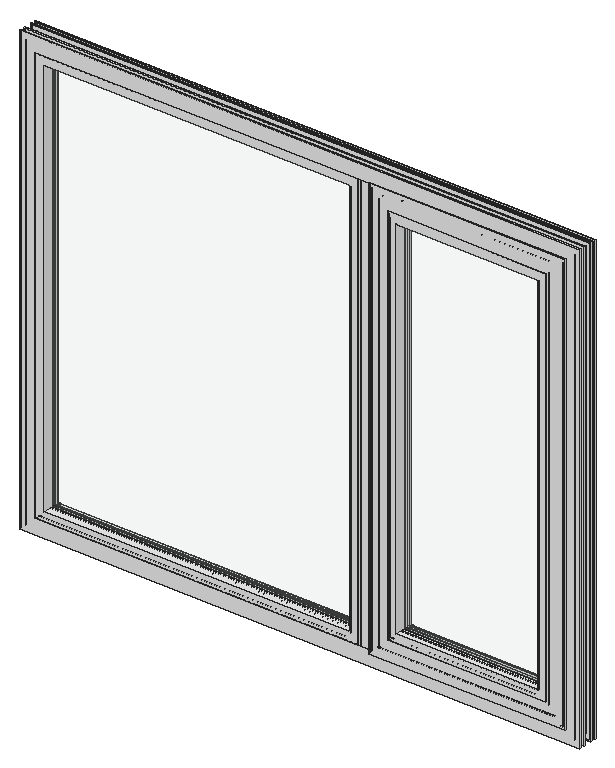
Revit family "Serene_T&T_Window_B_Standard", category Windows, host Wall, Revit 2014
Parameters (values of type "52TT-1512S-2000Pa")
  Windload Design = if(Custom Windload < 1001 mm, 1000 mm, if(Custom Windload < 1501 mm, 1500 mm, 2000 mm))  # 2000 mm
  Width Sash [instance] = 522 mm
  Width = if(Custom Window Width > Limit Window Width Max, Limit Window Width Max, if(Custom Window Width < Limit Window Width Min, Limit Window Width Min, Custom Window Width))  # 1490 mm
  Wall Thickness [instance] = 200 mm
  URL = "http://www.crealco.co.za/crealco-products.php"
  Thermal Resistance (R) [instance] = if(IGDB or SAGDB Number = 1000015, 1.0000 (m²·K)/W / Clearvue U Value, if(IGDB or SAGDB Number = 9922, 1.0000 (m²·K)/W / Energy Advantage U Value, if(IGDB or SAGDB Number = 100100, 1.0000 (m²·K)/W / Intruderprufe U Value, if(IGDB or SAGDB Number = 103200, 1.0000 (m²·K)/W / Intruderprufe LowE U Value, if(IGDB or SAGDB Number = 105001, 1.0000 (m²·K)/W / Clearvue Insulated U Value, if(IGDB or SAGDB Number = 105002, 1.0000 (m²·K)/W / Clearvue Insulated LowE U Value, 1.0000 (m²·K)/W / 7.9)))))) * 1  # 0.126582 (m²·K)/W
  Solar Heat Gain Coefficient [instance] = if(IGDB or SAGDB Number = 1000015, Clearvue SHGC Value, if(IGDB or SAGDB Number = 9922, Energy Advantage SHGC Value, if(IGDB or SAGDB Number = 100100, Intruderprufe SHGC Value, if(IGDB or SAGDB Number = 103200, Intruderprufe LowE SHGC Value, if(IGDB or SAGDB Number = 105001, Clearvue Insulated SHGC Value, if(IGDB or SAGDB Number = 105002, Clearvue Insulated LowE SHGC Value, 0))))))  # 0
  Sash Width = if(Custom Sash Width > Limit Sash Width Max, Limit Sash Width Max, if(Custom Sash Width < Limit Sash Width Min, Limit Sash Width Min, Custom Sash Width))  # 522 mm
  Sash Overlap = 28 mm  # constant formula
  Sash Height = Height - (2 * Sash Edge Gap)  # 1122 mm
  Sash Frame Gasket = 3.4 mm  # constant formula
  Sash Edge Gap = 34 mm  # constant formula
  Overall Width [instance] = 1490 mm
  Overall Height [instance] = 1190 mm
  Max System DG Unit Thickness = 20 mm  # constant formula
  Max System DG One Piece Thickness = rounddown((Max System DG Unit Thickness - 12 mm) / 2 mm) * 1 mm  # 4 mm
  Max Pane Area = if(Area Glazing Sash > Area Glazing Fixed Panel, Area Glazing Sash, Area Glazing Fixed Panel)  # 0.935 m²
  Limit Fixed Panel Width Max = 1800 mm  # constant formula
  Limit Fixed Pane Height Min = 200 mm  # constant formula
  Intruderprufe U Value = 6.04
  Intruderprufe SHGC Value = 0.559
  Intruderprufe LowE U Value = 4.49
  Intruderprufe LowE SHGC Value = 0.496
  IGDB or SAGDB Number [instance] = 0
  Height Sash [instance] = 1122 mm
  Height = if(Custom Window Height > Limit Window Height Max, Limit Window Height Max, if(Custom Window Height < Limit Window Height Min, Limit Window Height Min, Custom Window Height))  # 1190 mm
  Heat Transfer Coefficient (U) [instance] = if(IGDB or SAGDB Number = 1000015, Clearvue U Value, if(IGDB or SAGDB Number = 9922, Energy Advantage U Value, if(IGDB or SAGDB Number = 100100, Intruderprufe U Value, if(IGDB or SAGDB Number = 103200, Intruderprufe LowE U Value, if(IGDB or SAGDB Number = 105001, Clearvue Insulated U Value, if(IGDB or SAGDB Number = 105002, Clearvue Insulated LowE U Value, 7.9)))))) * 1.0000 W/(m²·K)  # 7.9000 W/(m²·K)
  Glazing Material [instance] = if(IGDB or SAGDB Number = 1000015, "PFG CLEARVUE 4mm", if(IGDB or SAGDB Number = 9922, "PFG ENERGY ADVANTAGE 4mm LOW-E", if(IGDB or SAGDB Number = 100100, "PFG INTRUDERPRUFE 6.38mm", if(IGDB or SAGDB Number = 103200, "PFG INTRUDERPRUFE LOW-E 7.38mm", if(IGDB or SAGDB Number = 105001, "PFG 20mm CLEARVUE INSULATED GLASS", if(IGDB or SAGDB Number = 105002, "PFG 20mm CLEARVUE INSULATED GLASS LOW-E", "Unknown"))))))  # "Unknown"
  Glazing Code [instance] = if(IGDB or SAGDB Number = 1000015, "CF4", if(IGDB or SAGDB Number = 9922, "CF4E", if(IGDB or SAGDB Number = 100100, "LAM01", if(IGDB or SAGDB Number = 103200, "LAM01E", if(IGDB or SAGDB Number = 105001, "IGU20", if(IGDB or SAGDB Number = 105002, "IGU20E", "Unknown"))))))  # "Unknown"
  Frame Width = 62 mm  # constant formula
  Frame Thickness = 52 mm  # constant formula
  Frame Offset From Exterior [instance] = if(Centered In Wall, (Wall Thickness - Frame Thickness) / 2, Custom Window Exterior Offset)  # 74 mm
  Fixed Panel Width = Width - Sash Width - 34 mm - 34 mm - 40 mm  # 860 mm
  Fixed Panel Height = Height - (2 mm * 40)  # 1110 mm
  Energy Advantage U Value = 5.06
  Energy Advantage SHGC Value = 0.542
  DG Thickness Calc = if(not(Max Pane Area > 1.125 m²), 4 mm, if(not(Max Pane Area > 2.25 m²), 4 mm, if(not(Max Pane Area > 3.15 m²), 5 mm, if(not(Max Pane Area > 4.35 m²), 6 mm, if(not(Max Pane Area > 6.45 m²), 8 mm, 10 mm)))))  # 4 mm
  DG Thickness [instance] = if(IGDB or SAGDB Number = 105001, 4 mm, if(IGDB or SAGDB Number = 105002, 4 mm, if(DG Thickness Calc > Max System DG One Piece Thickness, Max System DG One Piece Thickness, DG Thickness Calc)))  # 4 mm
  DG Gasket Tickness = 12 mm  # constant formula
  Custom Window Width = 1490 mm
  Custom Window Height = 1190 mm
  Custom Window Exterior Offset = 0 mm
  Custom Windload = 2000 mm
  Custom Sash Width = 522 mm
  Single Glazing [instance] = not(Double Glazing)  # yes
  SG Thickness [instance] = if(IGDB or SAGDB Number = 1000015, 4 mm, if(IGDB or SAGDB Number = 9922, 4 mm, if(IGDB or SAGDB Number = 100100, 6 mm, if(IGDB or SAGDB Number = 103200, 7 mm, if(not(Max Pane Area > 0.75 m²), 4 mm, if(not(Max Pane Area > 1.50 m²), 4 mm, if(not(Max Pane Area > 2.10 m²), 5 mm, if(not(Max Pane Area > 2.90 m²), 6.4 mm, if(not(Max Pane Area > 4.30 m²), 8 mm, 10 mm)))))))))  # 4 mm
  Model = "Serene"  # constant formula
  Manufacturer = "Crealco"  # constant formula
  Limit Window Width Min = Limit Fixed Panel Width Min + Sash Width + Sash Edge Gap + 34 mm + 40 mm  # 830 mm
  Limit Window Width Max = Limit Fixed Panel Width Max + Sash Width + Sash Edge Gap + 34 mm + 40 mm  # 2430 mm
  Limit Window Height Min = Limit Sash Height Min + (2 * Sash Edge Gap)  # 368 mm
  Limit Window Height Max = Limit Sash Height Max + (2 * Sash Edge Gap)  # 1568 mm
  Limit Sash Width Min = 300 mm  # constant formula
  Limit Sash Width Max = 700 mm  # constant formula
  Limit Sash Height Min = 300 mm  # constant formula
  Limit Sash Height Max = 1500 mm  # constant formula
  Limit Fixed Panel Width Min = 200 mm  # constant formula
  Length Mullion = Height - (2 mm * 40)  # 1110 mm
  Glazing Finish [instance] = Glass
  Double Glazing [instance] = no
  Description = "Tilt and turn window, Type B"  # constant formula
  Default Sill Height = 800 mm
  Wall Closure = By host
  DG Gasket Finish = Double Glazing Gasket Material
  Clearvue U Value = 6.17
  Clearvue SHGC Value = 0.605
  Clearvue Insulated U Value = 3.98
  Clearvue Insulated SHGC Value = 0.533
  Clearvue Insulated LowE U Value = 3.46
  Clearvue Insulated LowE SHGC Value = 0.486
  Centered In Wall = yes
  Area Glazing Sash = (Sash Width - (2 mm * 50.2)) * (Sash Height - (2 mm * 50.2))  # 0.430707 m²
  Area Glazing Fixed Panel = (Fixed Panel Width - 10 mm) * (Fixed Panel Height - 10 mm)  # 0.935 m²
  Aluminium Finish [instance] = White Powder Coated Aluminium
  All Available Glazing Numbers [instance] = "The rows below list the available glazing materials for this window:"  # constant formula
  9922 [instance] = "CF4E"  # constant formula
  105002 [instance] = "IGU20E"  # constant formula
  105001 [instance] = "IGU20"  # constant formula
  103200 [instance] = "LAM01E"  # constant formula
  100100 [instance] = "LAM01"  # constant formula
  1000015 [instance] = "CF4"  # constant formula
Reference planes
  plane 1 "Center (Front/Back)": y = 0
  plane 2 "Center (Left/Right)": x = 0
  plane 3 "Left": x = -745
  plane 4 "Right": x = 745
  plane 5 "Sill": z = 800
  plane 6 "Head": z = 1990
  plane 7 "Exterior": y = 100
  plane 8 "Interior": y = -100
  plane 9: y = 0
Lines and regions (mm)
  Opening 1
    outline origin (3500, -100, 0) x (1, 0, 0) y (0, 0, 1)
      loop
        line (-2755, 800) -> (-2755, 1990) -> (-4245, 1990) -> (-4245, 800) -> (-2755, 800)
Text (mm)
  text "EXTERIOR" at (-1963.203, 1332.353, 0), in view "Ref. Level"
  text "INTERIOR" at (-1981.466, -818.386, 0), in view "Ref. Level"
  text "Exterior" at (0, 923.751, 2943.296), in view "Right"
  text "Exterior" at (0, 1040.484, 2685.409), in view "Left"
Dimensions and locks
  equal spacing: plane 3 "Left", plane 2 "Center (Left/Right)", plane 4 "Right"
  "Width": plane 3 "Left" to plane 4 "Right"
  "Height": plane 5 "Sill" to plane 6 "Head"
  "Default Sill Height": plane 5 "Sill" to level
  locked: plane 7 "Exterior" to host wall at 0
  locked: plane 8 "Interior" to host wall
  "Overall Height": plane 5 "Sill" to plane 6 "Head"
  "Overall Width": plane 3 "Left" to plane 4 "Right"
  "Frame Offset From Exterior": nested 1 to plane 7 "Exterior"
  "Wall Thickness": host wall to host wall
  "Sash Edge Gap": plane 6 "Head" to nested 3
  "Sash Frame Gasket": nested 3 to nested 1
  "Sash Edge Gap": nested 3 to plane 4 "Right"
  "Sash Overlap": nested 3 to nested 2
  "Width Sash": nested 3 to nested 3
  "Height Sash": nested 3 to nested 3
  aligned and locked: plane 9 to host wall
  aligned and locked: nested 1 to plane 4 "Right"
  aligned and locked: nested 1 to plane 6 "Head"
  aligned and locked: nested 2 to nested 1
  aligned and locked: nested 4 to nested 1  (x2)
  aligned and locked: nested 1 to nested 4
Automatic sketch dimensions
  Opening 1 sketch curve to plane 3 "Left" = 0 mm
  Opening 1 sketch curve to plane 4 "Right" = 0 mm
  Opening 1 sketch curve to plane 5 "Sill" = 0 mm
  Opening 1 sketch curve to plane 6 "Head" = 0 mm
Nested families
  nested 1: "Serene_Frame_Rounded_Ext_52mm_B_Std" at (-745, -26, 800), Frame Width <- "Width", Frame Height <- "Height", Profile Material <- "Aluminium Finish", type "Serene_Frame_Rounded_Ext_52mm_B_Std"
    with Profile Material White Powder Coated Aluminium, Frame Width 1490 mm, Frame Height 1190 mm
  nested 2: "Serene_Mullion_44mm_Flat_B_Std" at (221.75, -33.553, 840) x (0, 1, 0) z (0, 0, 1), Length Mullion <- "Length Mullion", Profile Material <- "Aluminium Finish", type "Serene_Mullion_44mm_Flat_B_Std"
    with Profile Material White Powder Coated Aluminium, Length Mullion 1110 mm
  nested 3: "Serene_Sash_Open_In_72mm_B_Std" at (711, -32.8, 834) x (-1, 0, 0) z (0, 0, 1), Profile Material <- "Aluminium Finish", Glazing Material <- "Glazing Finish", Double Glazing Gasket Material <- "DG Gasket Finish", Width Sash <- "Sash Width", Height Sash <- "Sash Height", SG Glazing Thickness <- "SG Thickness", DG Glazing Thickness <- "DG Thickness", DG Gasket Thickness <- "DG Gasket Tickness", Double Glazing <- "Double Glazing", Single Glazing <- "Single Glazing", type "Serene_Sash_Open_In_72mm_B_Std"
    with Width Sash 522 mm, Width Bead 422 mm, Tilt yes, Single Glazing yes, SG Offset 32.25 mm, SG Glazing Thickness 4 mm, Right Hinged yes, Profile Material White Powder Coated Aluminium, Left Hinged no, Height Sash 1122 mm, Height Bead 1022 mm, Glazing Width 421.6 mm, Glazing Material Glass, Glazing Height 1021.6 mm, Double Glazing Gasket Material Double Glazing Gasket Material, Double Glazing no, DG Offset 18.75 mm, DG Glazing Thickness 4 mm, DG Gasket Thickness 12 mm
  nested 4: "Serene_Fixed_Panel_B_Std" at (-705, -26, 840), Profile Material <- "Aluminium Finish", Glazing Material <- "Glazing Finish", Double Glazing Gasket Material <- "DG Gasket Finish", SG Thickness <- "SG Thickness", Fixed Panel Width <- "Fixed Panel Width", Fixed Panel Height <- "Fixed Panel Height", DG Thickness <- "DG Thickness", Single Glazing <- "Single Glazing", Double Glazing <- "Double Glazing", type "Serene_Fixed_Panel_B_Std"
    with Single Glazing yes, SG Thickness 4 mm, SG Space Available 13 mm, SG Offset 4.5 mm, Profile Material White Powder Coated Aluminium, Glazing Width 850 mm, Glazing Material Glass, Glazing Height 1100 mm, Fixed Panel Width 860 mm, Fixed Panel Height 1110 mm, Double Glazing Gasket Material Double Glazing Gasket Material, Double Glazing no, DG Thickness 4 mm, DG Space Available 24 mm, DG Offset 2 mm, DG Gasket Thickness 12 mm
  nested 5: "Serene_Single_Glazing_Tilt_&_Turn_B_Std" at (660.8, 3.45, 884.2), type "Serene_Single_Glazing_Tilt_&_Turn_B_Std"
    with Tilt yes, Right Hinged yes, Left Hinged no, Half Width 210.8 mm, Half Height 510.8 mm, Glazing Width 421.6 mm, Glazing Thickness SG 4 mm, Glazing Material Glass, Glazing Height 1021.6 mm
  nested 6: "Serene_Single_Glazing_Fixed_B_Std" at (150, 10, 845), type "Serene_Single_Glazing_Fixed_B_Std"
    with Glazing Width 850 mm, Glazing Thickness SG 4 mm, Glazing Material Glass, Glazing Height 1100 mm
Definition of nested family "Serene_Frame_Rounded_Ext_52mm_B_Std"
  Parameters (values of type "Serene_Frame_Rounded_Ext_52mm")
    Profile Material [instance] = none
    Frame Width [instance] = 600 mm
    Frame Height [instance] = 900 mm
  Reference planes
    plane 1 "Center (Front/Back)": y = 0
    plane 2: z = 0
    plane 3 "Center (Left/Right)": x = 0
  Forms (mm)
    Sweep 1, solid, material <- "Profile Material"
      path origin (0, 0, 0) x (1, 0, 0) y (0, 0, 1)
        loop
          line (0, 0) -> (600, 0) -> (600, 900) -> (0, 900) -> (0, 0)
      profile origin (300, 0, 0) x (0, 0, 1) y (0, -1, 0)
        loop
          line (32.05, -9) -> (32.05, -8) -> (33.7, -8) -> (33.7, -1.3) -> (15.1, -1.3) -> (15.1, -8) -> (16.75, -8) -> (16.75, -9) -> (15.1, -9) -> (15.1, -42.5) -> (16.75, -42.5) -> (16.75, -43.5) -> (15.1, -43.5) -> (15.1, -50.7) -> (33.7, -50.7) -> (33.7, -43.5) -> (32.05, -43.5) -> (32.05, -42.5) -> (33.7, -42.5) -> (33.7, -9) -> (32.05, -9)
        loop
          arc (52.4, -49.7) -> (52.107, -48.993) -> (51.4, -48.7) r 1
          line (51.4, -48.7) -> (50.4, -48.7)
          arc (50.4, -48.7) -> (49.9, -49.2) -> (50.4, -49.7) r 0.5
          line (50.4, -49.7) -> (51.2, -49.7) -> (51.2, -50.7) -> (35, -50.7) -> (35, -49.7) -> (36, -49.7)
          arc (36, -49.7) -> (36.5, -49.2) -> (36, -48.7) r 0.5
          line (36, -48.7) -> (35, -48.7) -> (35, -35.9) -> (40, -35.9) -> (40, -32.956) -> (38.5, -31.79) -> (38.5, -34.6) -> (35, -34.6) -> (35, -21.1) -> (38.5, -21.1) -> (38.5, -26.41) -> (40, -25.244) -> (40, -18.807) -> (38, -17.818) -> (38, -19.5) -> (35, -19.5) -> (35, -1.5) -> (38, -1.5) -> (38, -4.182) -> (40, -3.193) -> (40, 0) -> (0, 0) -> (0, -2.7) -> (1.3, -2.7) -> (1.3, -1.5) -> (13.8, -1.5) -> (13.8, -13.05) -> (0, -13.05) -> (0, -16.05) -> (1.3, -16.05) -> (1.3, -14.35) -> (13.8, -14.35) -> (13.8, -37.65) -> (1.3, -37.65) -> (1.3, -35.95) -> (0, -35.95) -> (0, -38.95) -> (13.8, -38.95) -> (13.8, -50.5) -> (1.3, -50.5) -> (1.3, -49.3) -> (0, -49.3) -> (0, -52) -> (58, -52)
          arc (58, -52) -> (60.828, -50.828) -> (62, -48) r 4
          line (62, -48) -> (62, -40.5) -> (59.5, -40.5) -> (59.5, -41.7) -> (60.7, -41.7) -> (60.7, -43.7) -> (55.5, -43.7) -> (55.5, -41.7) -> (56.7, -41.7) -> (56.7, -40.5) -> (54.2, -40.5) -> (54.2, -44)
          arc (54.2, -44) -> (54.493, -44.707) -> (55.2, -45) r 1
          line (55.2, -45) -> (60.7, -45) -> (60.7, -48)
          arc (60.7, -48) -> (59.909, -49.909) -> (58, -50.7) r 2.7
          line (58, -50.7) -> (52.4, -50.7) -> (52.4, -49.7)
  Lines and regions (mm)
    model lines, style "GenericModel"
      curve 1: line (600, 52, 900) -> (541.992, 52, 841.992)
      curve 2: line (0, 52, 900) -> (58.006, 52, 841.994)
      curve 3: line (0, 52, 0) -> (58.008, 52, 58.008)
      curve 4: line (600, 52, 0) -> (541.992, 52, 58.008)
      curve 5: line (0, 0, 900) -> (40, 0, 860)
      curve 6: line (600, 0, 900) -> (560, 0, 860)
      curve 7: line (600, 0, 0) -> (560, 0, 40)
      curve 8: line (0, 0, 0) -> (40, 0, 40)
  Dimensions and locks
    "Frame Width": Sweep 1 sketch curve to Sweep 1 sketch curve
    "Frame Height": Sweep 1 sketch curve to Sweep 1 sketch curve
    aligned and locked: level to plane 2
  Automatic sketch dimensions
    Sweep 1 sketch curve to Sweep 1 sketch curve = 0 mm  (x9)
    Sweep 1 sketch curve to profile plane = 0 mm  (x4)
    Sweep 1 sketch curve to Sweep 1 sketch curve = 1.3 mm  (x13)
    Sweep 1 sketch curve to Sweep 1 sketch curve = 12.5 mm  (x2)
    Sweep 1 sketch curve to Sweep 1 sketch curve = 1.65 mm  (x4)
    Sweep 1 sketch curve to Sweep 1 sketch curve = 15.3 mm  (x2)
    Sweep 1 sketch curve to Sweep 1 sketch curve = 1 mm  (x10)
    Sweep 1 sketch curve to Sweep 1 sketch curve = 3 mm  (x3)
    Sweep 1 sketch curve to Sweep 1 sketch curve = 0.5 mm  (x2)
    Sweep 1 sketch curve to Sweep 1 sketch curve = 3.5 mm
    Sweep 1 sketch curve to Sweep 1 sketch curve = 2 mm  (x3)
    Sweep 1 sketch curve to Sweep 1 sketch curve = 1.5 mm  (x3)
    Sweep 1 sketch curve to Sweep 1 sketch curve = 14.4 mm
    Sweep 1 sketch curve to Sweep 1 sketch curve = 0.8 mm
    Sweep 1 sketch curve to Sweep 1 sketch curve = 0.2 mm  (x3)
    Sweep 1 sketch curve to Sweep 1 sketch curve = 2.8 mm  (x3)
    Sweep 1 sketch curve to Sweep 1 sketch curve = 0.3 mm
    Sweep 1 sketch curve to Sweep 1 sketch curve = 1.2 mm  (x6)
    Sweep 1 sketch curve to plane 1 "Center (Front/Back)" = 52 mm
    Sweep 1 sketch curve to Sweep 1 sketch curve = 5.2 mm
    Sweep 1 sketch curve to Sweep 1 sketch curve = 7 mm
    Sweep 1 sketch curve to Sweep 1 sketch curve = 10.35 mm  (x2)
    Sweep 1 sketch curve to Sweep 1 sketch curve = 1.7 mm  (x2)
    Sweep 1 sketch curve to Sweep 1 sketch curve = 6.6 mm
    Sweep 1 sketch curve to Sweep 1 sketch curve = 1.644 mm
    Sweep 1 sketch curve to Sweep 1 sketch curve = 1.167 mm  (x2)
    Sweep 1 sketch curve to Sweep 1 sketch curve = 5.379 mm
    Sweep 1 sketch curve to Sweep 1 sketch curve = 4.144 mm
    Sweep 1 sketch curve to Sweep 1 sketch curve = 1.6 mm
    Sweep 1 sketch curve to Sweep 1 sketch curve = 0.693 mm
    Sweep 1 sketch curve to Sweep 1 sketch curve = 1.682 mm
    Sweep 1 sketch curve to Sweep 1 sketch curve = 19.9 mm
    Sweep 1 sketch curve to Sweep 1 sketch curve = 8.818 mm
    Sweep 1 sketch curve to Sweep 1 sketch curve = 4.05 mm
    Sweep 1 sketch curve to Sweep 1 sketch curve = 3.818 mm
    Sweep 1 sketch curve to Sweep 1 sketch curve = 0.99 mm
    Sweep 1 sketch curve to Sweep 1 sketch curve = 6.5 mm
    Sweep 1 sketch curve to Sweep 1 sketch curve = 1.693 mm
    curve 1 to Sweep 1 = 0 mm
    Sweep 1 to curve 1 = 0 mm
    curve 2 to Sweep 1 = 0 mm  (x2)
    curve 3 to Sweep 1 = 0 mm  (x2)
    curve 4 to Sweep 1 = 0 mm  (x2)
    curve 2 to Sweep 1 = 0.006 mm  (x2)
    curve 3 to Sweep 1 = 0.008 mm  (x2)
    curve 1 to Sweep 1 = 0.008 mm  (x2)
    curve 4 to Sweep 1 = 0.008 mm  (x2)
    curve 5 to Sweep 1 = 0 mm  (x4)
    curve 6 to Sweep 1 = 0 mm  (x4)
    curve 7 to Sweep 1 = 0 mm  (x3)
    Sweep 1 to curve 7 = 0 mm
    curve 8 to Sweep 1 = 0 mm  (x3)
    Sweep 1 to curve 8 = 0 mm
    Sweep 1 sketch curve to plane 3 "Center (Left/Right)" = 0 mm
    Sweep 1 sketch curve to level = 0 mm
Definition of nested family "Serene_Mullion_44mm_Flat_B_Std"
  Parameters (values of type "Serene_Mullion_44mm_Flat")
    Profile Material [instance] = none
    Length Mullion [instance] = 250 mm
    Length Cut = 22 mm
  Reference planes
    plane 1 "Center (Front/Back)": y = 0
    plane 2: z = 0
    plane 3 "Center (Left/Right)": x = 0
  Forms (mm)
    Extrusion 1, solid, material <- "Profile Material"
      sketch origin (0, 0, 0) x (1, 0, 0) y (0, 1, 0)
        loop
          line (9.056, 33.15) -> (50.755, 33.15) -> (50.755, 60.35) -> (9.056, 60.35) -> (9.056, 33.15)
        loop
          line (52.256, 88.75) -> (48.053, 88.75) -> (48.053, 86.25) -> (49.253, 86.25) -> (49.253, 87.45) -> (50.757, 87.45) -> (50.757, 82.25) -> (49.253, 82.25) -> (49.253, 83.45) -> (48.053, 83.45) -> (48.053, 80.95) -> (50.755, 80.95) -> (50.755, 61.75) -> (43.453, 61.75) -> (43.453, 66.75) -> (40.51, 66.75) -> (39.343, 65.25) -> (42.153, 65.25) -> (42.153, 61.75) -> (28.653, 61.75) -> (28.653, 65.25) -> (33.964, 65.25) -> (32.797, 66.75) -> (26.361, 66.75) -> (25.371, 64.75) -> (27.053, 64.75) -> (27.053, 61.75) -> (9.053, 61.75) -> (9.053, 64.75) -> (11.736, 64.75) -> (10.746, 66.75) -> (7.553, 66.75) -> (7.553, 26.749) -> (10.746, 26.749) -> (11.736, 28.749) -> (9.053, 28.749) -> (9.053, 31.749) -> (27.053, 31.749) -> (27.053, 28.749) -> (25.371, 28.749) -> (26.361, 26.749) -> (32.797, 26.749) -> (33.964, 28.249) -> (28.653, 28.249) -> (28.653, 31.749) -> (42.153, 31.749) -> (42.153, 28.249) -> (39.343, 28.249) -> (40.51, 26.749) -> (43.453, 26.749) -> (43.453, 31.749) -> (50.755, 31.749) -> (50.755, 12.55) -> (48.053, 12.55) -> (48.053, 10.05) -> (49.253, 10.05) -> (49.253, 11.25) -> (50.757, 11.25) -> (50.757, 6.05) -> (49.253, 6.05) -> (49.253, 7.25) -> (48.053, 7.25) -> (48.053, 4.75) -> (52.256, 4.75) -> (52.256, 88.75)
      from 0 to 250 <- "Length Mullion"
    Extrusion 2, void
      sketch origin (0, 0, 250) x (0, 1, 0) y (1, 0, 0)
        loop
          line (88.75, 48.053) -> (88.75, 52.256) -> (4.75, 52.256) -> (4.75, 48.053) -> (88.75, 48.053)
      from 0 to 22 <- "Length Cut"
    Extrusion 3, void
      sketch origin (0, 0, 0) x (1, 0, 0) y (0, 1, 0)
        loop
          line (48.053, 4.75) -> (52.256, 4.75) -> (52.256, 88.75) -> (48.053, 88.75) -> (48.053, 4.75)
      from 0 to 22 <- "Length Cut"
  Cuts and joins
    Extrusion 2, Extrusion 3 cuts Extrusion 1
  Dimensions and locks
    aligned and locked: level to plane 2
Definition of nested family "Serene_Sash_Open_In_72mm_B_Std"
  Parameters (values of type "Serene_Sash_Open_In_72mm")
    Width Sash [instance] = 600 mm
    Width Bead [instance] = Width Sash - (Bead Edge Offset * 2)  # 500 mm
    Tilt [instance] = yes
    Single Glazing [instance] = yes
    SG Offset [instance] = Rear Glazing Channel Offset - SG Available Space + ((SG Available Space - SG Glazing Thickness) / 2)  # 32.25 mm
    SG Glazing Thickness [instance] = 4 mm
    SG Available Space = 13.5 mm  # constant formula
    Right Hinged [instance] = yes
    Rear Glazing Channel Offset = 41 mm  # constant formula
    Profile Material [instance] = none
    Left Hinged [instance] = yes
    Height Sash [instance] = 900 mm
    Height Bead [instance] = Height Sash - (Bead Edge Offset * 2)  # 800 mm
    Glazing Width [instance] = Width Sash - (Glazing Edge Offset * 2)  # 499.6 mm
    Glazing Material [instance] = Glass
    Glazing Height [instance] = Height Sash - (Glazing Edge Offset * 2)  # 799.6 mm
    Glazing Edge Offset = 50.2 mm  # constant formula
    Double Glazing Gasket Material [instance] = none
    Double Glazing [instance] = yes
    DG Offset [instance] = Rear Glazing Channel Offset - DG Available Space + ((DG Available Space - DG Gasket Thickness - (2 * DG Glazing Thickness)) / 2)  # 18.75 mm
    DG Glazing Thickness [instance] = 4 mm
    DG Gasket Thickness [instance] = 12 mm
    DG Available Space = 24.5 mm  # constant formula
    Bead Edge Offset = 50 mm  # constant formula
  Reference planes
    plane 1 "Center (Front/Back)": y = 0
    plane 2: z = 0
    plane 3 "Center (Left/Right)": x = 0
  Forms (mm)
    Sweep 1, solid, material <- "Profile Material"
      path origin (0, 0, 0) x (1, 0, 0) y (0, 0, 1)
        loop
          line (0, 0) -> (600, 0) -> (600, 900) -> (0, 900) -> (0, 0)
      profile origin (300, 0, 0) x (0, 0, 1) y (0, -1, 0)
        loop
          line (21.76, 25.1) -> (23.96, 25.1) -> (23.96, 10.1) -> (21.76, 10.1) -> (21.76, 7.4) -> (18.76, 7.4) -> (18.76, 10.524) -> (17.46, 9.224) -> (17.46, 7.1)
          arc (17.46, 7.1) -> (17.753, 6.393) -> (18.46, 6.1) r 1
          line (18.46, 6.1) -> (23.96, 6.1) -> (23.96, 3.4) -> (22.8, 3.4)
          arc (22.8, 3.4) -> (22.3, 2.9) -> (22.8, 2.4) r 0.5
          line (22.8, 2.4) -> (23.96, 2.4) -> (23.96, 1.3) -> (7.7, 1.3) -> (7.7, 2.4) -> (8.5, 2.4) -> (8.5, 3.4) -> (5.3, 3.4) -> (5.3, 2.4) -> (6.6, 2.4) -> (6.6, 1.1) -> (1.2, 1.1) -> (1.2, 2.4) -> (2.5, 2.4) -> (2.5, 3.4) -> (0, 3.4) -> (0, 0) -> (49.96, 0) -> (49.96, 3.18) -> (48.16, 4.22) -> (48.16, 1.5) -> (45.16, 1.5) -> (45.16, 20.1) -> (48.16, 20.1) -> (48.16, 17.88) -> (49.96, 18.92) -> (49.96, 21.6) -> (45.16, 21.6) -> (45.16, 40) -> (37.96, 47) -> (37.96, 50.7) -> (43.96, 50.7) -> (43.96, 49.3)
          arc (43.96, 49.3) -> (44.253, 48.593) -> (44.96, 48.3) r 1
          line (44.96, 48.3) -> (46.21, 48.3)
          arc (46.21, 48.3) -> (46.71, 48.8) -> (46.21, 49.3) r 0.5
          line (46.21, 49.3) -> (44.96, 49.3) -> (44.96, 50.7) -> (61.46, 50.7) -> (61.46, 49.3) -> (60.21, 49.3)
          arc (60.21, 49.3) -> (59.71, 48.8) -> (60.21, 48.3) r 0.5
          line (60.21, 48.3) -> (61.46, 48.3)
          arc (61.46, 48.3) -> (62.167, 48.593) -> (62.46, 49.3) r 1
          line (62.46, 49.3) -> (62.46, 50.7) -> (66.96, 50.7)
          arc (66.96, 50.7) -> (69.576, 49.616) -> (70.66, 47) r 3.7
          line (70.66, 47) -> (70.66, 45.5) -> (64.16, 45.5) -> (64.16, 41) -> (66.66, 41) -> (66.66, 42.2) -> (65.46, 42.2) -> (65.46, 44.2) -> (70.66, 44.2) -> (70.66, 42.2) -> (69.46, 42.2) -> (69.46, 41) -> (71.96, 41) -> (71.96, 47)
          arc (71.96, 47) -> (70.496, 50.536) -> (66.96, 52) r 5
          line (66.96, 52) -> (33.006, 52) -> (33.006, 50.7) -> (34.46, 50.7) -> (36.66, 50.7) -> (36.66, 47.3) -> (26.46, 47.3) -> (23.536, 47.3) -> (24.836, 46) -> (26.96, 46) -> (26.96, 35.2) -> (23.935, 35.2) -> (18.293, 34.246)
          arc (18.293, 34.246) -> (17.696, 33.906) -> (17.46, 33.26) r 1
          line (17.46, 33.26) -> (17.46, 25.976) -> (18.76, 24.676) -> (18.76, 27.3) -> (21.76, 27.3) -> (21.76, 25.1)
        loop
          line (43.86, 33.9) -> (42.16, 33.9) -> (42.16, 35.2) -> (43.86, 35.2) -> (43.86, 39.451) -> (37.124, 46) -> (28.26, 46) -> (28.26, 34.9)
          arc (28.26, 34.9) -> (27.967, 34.193) -> (27.26, 33.9) r 1
          line (27.26, 33.9) -> (24.094, 33.9) -> (18.76, 33.007) -> (18.76, 28.6) -> (22.06, 28.6)
          arc (22.06, 28.6) -> (22.767, 28.307) -> (23.06, 27.6) r 1
          line (23.06, 27.6) -> (23.06, 26.4) -> (24.26, 26.4)
          arc (24.26, 26.4) -> (24.967, 26.107) -> (25.26, 25.4) r 1
          line (25.26, 25.4) -> (25.26, 24.337) -> (25.26, 9.8)
          arc (25.26, 9.8) -> (24.967, 9.093) -> (24.26, 8.8) r 1
          line (24.26, 8.8) -> (23.06, 8.8) -> (23.06, 7.4) -> (24.26, 7.4)
          arc (24.26, 7.4) -> (24.967, 7.107) -> (25.26, 6.4) r 1
          line (25.26, 6.4) -> (25.26, 1.3) -> (43.86, 1.3) -> (43.86, 33.9)
  Lines and regions (mm)
    model lines, style "GenericModel"
      curve 1: line (600, 0, 900) -> (550.04, 0, 850.04)
      curve 2: line (0, 0, 900) -> (49.96, 0, 850.04)
      curve 3: line (0, 0, 0) -> (49.96, 0, 49.96)
      curve 4: line (600, 0, 0) -> (550.04, 0, 49.96)
      curve 5: line (33.953, -50.7, 866.047) -> (66.968, -50.7, 833.032)
      curve 6: line (566.047, -50.7, 866.047) -> (533, -50.7, 833)
      curve 7: line (566.047, -50.7, 33.953) -> (533.032, -50.7, 66.968)
      curve 8: line (33.953, -50.7, 33.953) -> (66.968, -50.7, 66.968)
      curve 9: line (33.006, -52, 866.994) -> (66.968, -52, 833.032)
      curve 10: line (566.994, -52, 866.994) -> (533, -52, 833)
      curve 11: line (33.006, -52, 33.006) -> (66.968, -52, 66.968)
      curve 12: line (566.994, -52, 33.006) -> (533.032, -52, 66.968)
      curve 13: line (23.536, -47.3, 876.464) -> (33.006, -47.3, 866.994)
      curve 14: line (576.464, -47.3, 876.464) -> (566.994, -47.3, 866.994)
      curve 15: line (576.464, -47.3, 23.536) -> (566.994, -47.3, 33.006)
      curve 16: line (23.536, -47.3, 23.536) -> (33.006, -47.3, 33.006)
  Dimensions and locks
    "Width Sash": Sweep 1 sketch curve to Sweep 1 sketch curve
    "Height Sash": Sweep 1 sketch curve to Sweep 1 sketch curve
    "Bead Edge Offset": nested 1 to plane 2
    "Bead Edge Offset": nested 2 to plane 2
    "Bead Edge Offset": plane 3 "Center (Left/Right)" to nested 1
    "Bead Edge Offset": plane 3 "Center (Left/Right)" to nested 2
    "Glazing Edge Offset": plane 3 "Center (Left/Right)" to nested 3
    "Glazing Edge Offset": nested 3 to plane 2
    "SG Offset": nested 3 to plane 1 "Center (Front/Back)"
    "DG Offset": nested 4 to plane 1 "Center (Front/Back)"
    "Glazing Edge Offset": plane 3 "Center (Left/Right)" to nested 4
    "Glazing Edge Offset": nested 4 to level
    aligned and locked: level to plane 2
    aligned and locked: nested 1 to plane 1 "Center (Front/Back)"
    aligned and locked: nested 2 to plane 1 "Center (Front/Back)"
  Automatic sketch dimensions
    curve 1 to Sweep 1 = 0 mm  (x3)
    Sweep 1 to curve 1 = 0 mm
    curve 2 to Sweep 1 = 0 mm  (x3)
    Sweep 1 to curve 2 = 0 mm
    curve 3 to Sweep 1 = 0 mm  (x4)
    curve 4 to Sweep 1 = 0 mm  (x4)
    curve 8 to Sweep 1 = 30.308 mm  (x2)
    curve 5 to Sweep 1 = 30.308 mm  (x2)
    curve 6 to Sweep 1 = 30.34 mm  (x2)
    curve 7 to Sweep 1 = 30.308 mm  (x2)
    Sweep 1 sketch curve to Sweep 1 sketch curve = 0 mm  (x12)
    Sweep 1 sketch curve to plane 1 "Center (Front/Back)" = 0 mm
    profile plane to Sweep 1 sketch curve = 0 mm
    Sweep 1 sketch curve to profile plane = 1.2 mm
    Sweep 1 sketch curve to Sweep 1 sketch curve = 1.3 mm  (x21)
    Sweep 1 sketch curve to Sweep 1 sketch curve = 2.8 mm  (x2)
    Sweep 1 sketch curve to Sweep 1 sketch curve = 1.1 mm  (x2)
    Sweep 1 sketch curve to Sweep 1 sketch curve = 0.8 mm
    Sweep 1 sketch curve to profile plane = 17.46 mm
    Sweep 1 sketch curve to Sweep 1 sketch curve = 8.96 mm
    Sweep 1 sketch curve to Sweep 1 sketch curve = 0.833 mm
    Sweep 1 sketch curve to Sweep 1 sketch curve = 0.167 mm
    Sweep 1 sketch curve to Sweep 1 sketch curve = 1 mm  (x10)
    Sweep 1 sketch curve to Sweep 1 sketch curve = 3 mm  (x4)
    Sweep 1 sketch curve to Sweep 1 sketch curve = 0.3 mm  (x6)
    plane 1 "Center (Front/Back)" to Sweep 1 sketch curve = 3.4 mm
    Sweep 1 sketch curve to Sweep 1 sketch curve = 1.04 mm
    Sweep 1 sketch curve to Sweep 1 sketch curve = 5.242 mm
    Sweep 1 sketch curve to Sweep 1 sketch curve = 5.175 mm
    Sweep 1 sketch curve to Sweep 1 sketch curve = 0.9 mm
    Sweep 1 sketch curve to Sweep 1 sketch curve = 1.16 mm
    Sweep 1 sketch curve to Sweep 1 sketch curve = 0.158 mm
    Sweep 1 sketch curve to Sweep 1 sketch curve = 1.2 mm  (x6)
    Sweep 1 sketch curve to Sweep 1 sketch curve = 1.624 mm
    Sweep 1 sketch curve to Sweep 1 sketch curve = 0.5 mm  (x3)
    Sweep 1 sketch curve to Sweep 1 sketch curve = 4.746 mm
    Sweep 1 sketch curve to Sweep 1 sketch curve = 1.454 mm
    Sweep 1 sketch curve to Sweep 1 sketch curve = 2.2 mm
    Sweep 1 sketch curve to Sweep 1 sketch curve = 0.464 mm
    Sweep 1 sketch curve to Sweep 1 sketch curve = 0.836 mm
    Sweep 1 sketch curve to Sweep 1 sketch curve = 5.036 mm
    plane 1 "Center (Front/Back)" to Sweep 1 sketch curve = 1.3 mm
    Sweep 1 sketch curve to Sweep 1 sketch curve = 18.6 mm
    Sweep 1 sketch curve to Sweep 1 sketch curve = 1.7 mm
    Sweep 1 sketch curve to Sweep 1 sketch curve = 6 mm
    Sweep 1 sketch curve to Sweep 1 sketch curve = 1.25 mm  (x2)
    plane 1 "Center (Front/Back)" to Sweep 1 sketch curve = 17.88 mm
    plane 1 "Center (Front/Back)" to Sweep 1 sketch curve = 18.92 mm
    Sweep 1 sketch curve to Sweep 1 sketch curve = 1.8 mm  (x2)
    Sweep 1 sketch curve to Sweep 1 sketch curve = 14 mm
    Sweep 1 sketch curve to Sweep 1 sketch curve = 2.7 mm  (x2)
    Sweep 1 sketch curve to Sweep 1 sketch curve = 1.5 mm  (x3)
    plane 1 "Center (Front/Back)" to Sweep 1 sketch curve = 1.1 mm
    plane 1 "Center (Front/Back)" to Sweep 1 sketch curve = 1.5 mm
    Sweep 1 sketch curve to Sweep 1 sketch curve = 1.68 mm
    Sweep 1 sketch curve to Sweep 1 sketch curve = 1.039 mm
    Sweep 1 sketch curve to Sweep 1 sketch curve = 1.4 mm  (x2)
    Sweep 1 sketch curve to Sweep 1 sketch curve = 2.124 mm
    Sweep 1 sketch curve to Sweep 1 sketch curve = 2.22 mm
    Sweep 1 sketch curve to Sweep 1 sketch curve = 14.237 mm
    Sweep 1 sketch curve to Sweep 1 sketch curve = 0.339 mm
    Sweep 1 sketch curve to Sweep 1 sketch curve = 0.763 mm
    Sweep 1 sketch curve to Sweep 1 sketch curve = 1.063 mm
    Sweep 1 sketch curve to Sweep 1 sketch curve = 1.324 mm
    Sweep 1 sketch curve to Sweep 1 sketch curve = 4.407 mm
    Sweep 1 sketch curve to Sweep 1 sketch curve = 0.254 mm
    Sweep 1 sketch curve to Sweep 1 sketch curve = 5.3 mm
    Sweep 1 sketch curve to Sweep 1 sketch curve = 12.3 mm
    Sweep 1 sketch curve to Sweep 1 sketch curve = 4.251 mm
    Sweep 1 sketch curve to Sweep 1 sketch curve = 0.549 mm
    Sweep 1 sketch curve to Sweep 1 sketch curve = 2 mm
    Sweep 1 sketch curve to Sweep 1 sketch curve = 10.8 mm
    Sweep 1 sketch curve to Sweep 1 sketch curve = 2.4 mm
    Sweep 1 sketch curve to Sweep 1 sketch curve = 3.4 mm
    curve 5 to Sweep 1 = 0.947 mm  (x2)
    curve 8 to Sweep 1 = 0.947 mm  (x2)
    curve 7 to Sweep 1 = 0.947 mm  (x2)
    curve 6 to Sweep 1 = 0.947 mm  (x2)
    curve 9 to Sweep 1 = 0 mm  (x2)
    curve 10 to Sweep 1 = 0 mm  (x2)
    Sweep 1 to curve 11 = 0 mm
    curve 11 to Sweep 1 = 0 mm
    curve 12 to Sweep 1 = 0 mm  (x2)
    curve 11 to Sweep 1 = 0.008 mm
    curve 9 to Sweep 1 = 0.008 mm  (x2)
    curve 10 to Sweep 1 = 0.04 mm  (x2)
    curve 12 to Sweep 1 = 0.008 mm
    Sweep 1 to curve 12 = 0.008 mm
    Sweep 1 to curve 11 = 0.008 mm
    curve 13 to Sweep 1 = 0 mm  (x2)
    curve 14 to Sweep 1 = 0 mm  (x2)
    curve 15 to Sweep 1 = 0 mm
    Sweep 1 to curve 15 = 0 mm
    curve 16 to Sweep 1 = 0 mm  (x2)
    Sweep 1 to curve 16 = 3.654 mm
    Sweep 1 to curve 13 = 3.654 mm  (x2)
    Sweep 1 to curve 15 = 3.654 mm
    Sweep 1 to curve 14 = 3.654 mm  (x2)
    curve 15 to Sweep 1 = 3.654 mm
    curve 16 to Sweep 1 = 3.654 mm
    Sweep 1 sketch curve to plane 3 "Center (Left/Right)" = 0 mm
    Sweep 1 sketch curve to level = 0 mm
  Nested families
    nested 1: "Serene_Bead_Square_12mm" at (550, 0, 50) x (-1, 0, 0) z (0, 0, 1), visible <- "Single Glazing", Profile Material <- "Profile Material", Width Bead <- "Width Bead", Height Bead <- "Height Bead", type "Serene_Bead_Square_12mm"
      with Width Bead 500 mm, Profile Material none, Height Bead 800 mm
    nested 2: "Serene_Bead_D_Glazing_Square" at (550, 0, 50) x (-1, 0, 0) z (0, 0, 1), Profile Material <- "Profile Material", visible <- "Double Glazing", Width Bead <- "Width Bead", Height Bead <- "Height Bead", type "Serene_Bead_D_Glazing_Square"
      with Width Bead 500 mm, Profile Material none, Height Bead 800 mm
    nested 3: "Serene_Single_Glazing_Tilt_&_Turn_B_Std" at (50.2, -36.25, 50.2) x (-1, 0, 0) z (0, 0, 1), Glazing Width <- "Glazing Width", Glazing Height <- "Glazing Height", visible <- "Single Glazing", Glazing Material <- "Glazing Material", Glazing Thickness SG <- "SG Glazing Thickness", Tilt <- "Tilt", Right Hinged <- "Right Hinged", Left Hinged <- "Left Hinged", type "Serene_Single_Glazing_Tilt_&_Turn_B_Std"
      with Tilt yes, Right Hinged yes, Left Hinged yes, Half Width 249.8 mm, Half Height 399.8 mm, Glazing Width 499.6 mm, Glazing Thickness SG 4 mm, Glazing Material Glass, Glazing Height 799.6 mm
    nested 4: "Serene_Double_Glazing_Tilt_&_Turn_B_Std" at (50.2, -38.75, 50.2) x (-1, 0, 0) z (0, 0, 1), Glazing Width <- "Glazing Width", Glazing Height <- "Glazing Height", Glazing Thickness DG <- "DG Glazing Thickness", Double Glazing Gasket Thickness <- "DG Gasket Thickness", Double Glazing Gasket Material <- "Double Glazing Gasket Material", Glazing Material <- "Glazing Material", visible <- "Double Glazing", Tilt <- "Tilt", Left Hinged <- "Left Hinged", Right Hinged <- "Right Hinged", type "Serene_Double_Glazing_Tilt_&_Turn_B_Std"
      with Tilt yes, Right Hinged yes, Left Hinged yes, Half Width 249.8 mm, Half Height 399.8 mm, Glazing Width 499.6 mm, Glazing Thickness DG 4 mm, Glazing Material Glass, Glazing Height 799.6 mm, Double Glazing Gasket Thickness 12 mm, Double Glazing Gasket Material none
  Definition of nested family "Serene_Bead_Square_12mm"
    Parameters (values of type "Serene_Bead_Square_12mm")
      Profile Material [instance] = none
      Width Bead [instance] = 600 mm
      Height Bead [instance] = 900 mm
    Reference planes
      plane 1 "Center (Front/Back)": y = 0
      plane 2: z = 0
      plane 3 "Center (Left/Right)": x = 0
    Forms (mm)
      Sweep 1, solid, material <- "Profile Material"
        path origin (0, 0, 0) x (1, 0, 0) y (0, 0, 1)
          loop
            line (0, 0) -> (600, 0) -> (600, 900) -> (0, 900) -> (0, 0)
        profile origin (300, 0, 0) x (0, 0, 1) y (0, -1, 0)
          loop
            line (20.8, -26.3) -> (19.6, -26.3) -> (19.6, -27.5) -> (22, -27.5) -> (22, 0) -> (0, 0) -> (0, -1.2) -> (1.2, -1.2) -> (1.2, -4.2) -> (-1.876, -4.2) -> (-1.876, -3.293) -> (-3.909, -4.467)
            arc (-3.909, -4.467) -> (-4.142, -5.029) -> (-3.659, -5.4) r 0.5
            line (-3.659, -5.4) -> (1.4, -5.4)
            arc (1.4, -5.4) -> (2.107, -5.107) -> (2.4, -4.4) r 1
            line (2.4, -4.4) -> (2.4, -1.2) -> (20.8, -1.2) -> (20.8, -16.2) -> (-3.659, -16.2)
            arc (-3.659, -16.2) -> (-4.142, -16.571) -> (-3.909, -17.133) r 0.5
            line (-3.909, -17.133) -> (-1.876, -18.307) -> (-1.876, -17.4) -> (20.8, -17.4) -> (20.8, -23.4) -> (14.6, -23.4) -> (14.6, -27.5) -> (17, -27.5) -> (17, -26.3) -> (15.8, -26.3) -> (15.8, -24.6) -> (20.8, -24.6) -> (20.8, -26.3)
    Lines and regions (mm)
      model lines, style "GenericModel"
        curve 1: line (22, 0, 878) -> (0, 0, 900)
        curve 2: line (578, 0, 878) -> (600, 0, 900)
        curve 3: line (578, 0, 22) -> (600, 0, 0)
        curve 4: line (22, 0, 22) -> (0, 0, 0)
    Dimensions and locks
      "Width Bead": Sweep 1 sketch curve to Sweep 1 sketch curve
      "Height Bead": Sweep 1 sketch curve to Sweep 1 sketch curve
      aligned and locked: level to plane 2
    Automatic sketch dimensions
      profile plane to Sweep 1 sketch curve = 3.909 mm
      Sweep 1 sketch curve to Sweep 1 sketch curve = 0 mm  (x4)
      Sweep 1 sketch curve to Sweep 1 sketch curve = 0.25 mm  (x2)
      Sweep 1 sketch curve to Sweep 1 sketch curve = 1.783 mm  (x2)
      Sweep 1 sketch curve to Sweep 1 sketch curve = 1.876 mm
      Sweep 1 sketch curve to Sweep 1 sketch curve = 3.076 mm
      Sweep 1 sketch curve to Sweep 1 sketch curve = 0.2 mm  (x2)
      Sweep 1 sketch curve to Sweep 1 sketch curve = 1.2 mm  (x9)
      Sweep 1 sketch curve to Sweep 1 sketch curve = 16.476 mm
      Sweep 1 sketch curve to Sweep 1 sketch curve = 2.6 mm
      Sweep 1 sketch curve to plane 1 "Center (Front/Back)" = 27.5 mm
      Sweep 1 sketch curve to Sweep 1 sketch curve = 1.7 mm
      Sweep 1 sketch curve to Sweep 1 sketch curve = 5.093 mm
      Sweep 1 sketch curve to Sweep 1 sketch curve = 6 mm
      Sweep 1 sketch curve to Sweep 1 sketch curve = 0.267 mm
      Sweep 1 sketch curve to Sweep 1 sketch curve = 0.433 mm
      Sweep 1 sketch curve to Sweep 1 sketch curve = 10.8 mm
      Sweep 1 sketch curve to Sweep 1 sketch curve = 0.5 mm
      Sweep 1 sketch curve to Sweep 1 sketch curve = 0.907 mm
      Sweep 1 sketch curve to Sweep 1 sketch curve = 2.093 mm
      Sweep 1 sketch curve to Sweep 1 sketch curve = 15 mm
      curve 1 to Sweep 1 = 0 mm  (x4)
      curve 4 to Sweep 1 = 0 mm  (x3)
      Sweep 1 to curve 4 = 0 mm
      curve 3 to Sweep 1 = 0 mm  (x3)
      curve 2 to Sweep 1 = 0 mm  (x4)
      Sweep 1 to curve 3 = 0 mm
      Sweep 1 sketch curve to plane 3 "Center (Left/Right)" = 0 mm
      Sweep 1 sketch curve to level = 0 mm
  Definition of nested family "Serene_Bead_D_Glazing_Square"
    Parameters (values of type "Serene_Bead_D_Glazing_Square")
      Width Bead [instance] = 900 mm
      Profile Material [instance] = none
      Height Bead [instance] = 1320 mm
    Reference planes
      plane 1 "Center (Front/Back)": y = 0
      plane 2: z = 0
      plane 3 "Center (Left/Right)": x = 0
    Forms (mm)
      Sweep 1, solid, material <- "Profile Material"
        path origin (0, 0, 0) x (1, 0, 0) y (0, 0, 1)
          loop
            line (0, 0) -> (900, 0) -> (900, 1320) -> (0, 1320) -> (0, 0)
        profile origin (450, 0, 0) x (0, 0, 1) y (0, -1, 0)
          loop
            line (22, -16.5) -> (22, 0) -> (0, 0) -> (0, -1.2) -> (1.2, -1.2) -> (1.2, -4.2) -> (-1.876, -4.2) -> (-1.876, -3.293) -> (-3.909, -4.467)
            arc (-3.909, -4.467) -> (-4.142, -5.029) -> (-3.659, -5.4) r 0.5
            line (-3.659, -5.4) -> (1.4, -5.4)
            arc (1.4, -5.4) -> (2.107, -5.107) -> (2.4, -4.4) r 1
            line (2.4, -4.4) -> (2.4, -1.2) -> (20.8, -1.2) -> (20.8, -12.4) -> (14.6, -12.4) -> (0, -16.7) -> (-3.659, -16.7)
            arc (-3.659, -16.7) -> (-4.142, -17.071) -> (-3.909, -17.633) r 0.5
            line (-3.909, -17.633) -> (-1.876, -18.807) -> (-1.876, -17.9) -> (0.173, -17.9) -> (14.6, -13.651) -> (14.6, -16.5) -> (17, -16.5) -> (17, -15.3) -> (15.8, -15.3) -> (15.8, -13.6) -> (20.8, -13.6) -> (20.8, -15.3) -> (19.6, -15.3) -> (19.6, -16.5) -> (22, -16.5)
    Lines and regions (mm)
      model lines, style "GenericModel"
        curve 1: line (22, 0, 1298) -> (0, 0, 1298)
        curve 2: line (878, 0, 1298) -> (900, 0, 1298)
        curve 3: line (878, 0, 22) -> (900, 0, 22)
        curve 4: line (22, 0, 22) -> (0, 0, 22)
    Dimensions and locks
      "Width Bead": Sweep 1 sketch curve to Sweep 1 sketch curve
      "Height Bead": Sweep 1 sketch curve to Sweep 1 sketch curve
      aligned and locked: level to plane 2
    Automatic sketch dimensions
      profile plane to Sweep 1 sketch curve = 3.909 mm  (x2)
      Sweep 1 sketch curve to Sweep 1 sketch curve = 0.25 mm  (x2)
      Sweep 1 sketch curve to Sweep 1 sketch curve = 2.033 mm
      Sweep 1 sketch curve to Sweep 1 sketch curve = 1.783 mm
      Sweep 1 sketch curve to Sweep 1 sketch curve = 1.876 mm  (x2)
      Sweep 1 sketch curve to Sweep 1 sketch curve = 0.173 mm
      Sweep 1 sketch curve to Sweep 1 sketch curve = 1.2 mm  (x9)
      Sweep 1 sketch curve to Sweep 1 sketch curve = 0.2 mm
      Sweep 1 sketch curve to Sweep 1 sketch curve = 12.2 mm
      Sweep 1 sketch curve to Sweep 1 sketch curve = 0 mm  (x4)
      Sweep 1 sketch curve to Sweep 1 sketch curve = 2.6 mm
      Sweep 1 sketch curve to plane 1 "Center (Front/Back)" = 18.807 mm
      Sweep 1 sketch curve to Sweep 1 sketch curve = 0.907 mm  (x2)
      Sweep 1 sketch curve to Sweep 1 sketch curve = 0.267 mm
      Sweep 1 sketch curve to Sweep 1 sketch curve = 0.433 mm
      Sweep 1 sketch curve to plane 1 "Center (Front/Back)" = 16.5 mm
      Sweep 1 sketch curve to Sweep 1 sketch curve = 1.649 mm
      Sweep 1 sketch curve to Sweep 1 sketch curve = 1.7 mm
      Sweep 1 sketch curve to Sweep 1 sketch curve = 1.251 mm
      Sweep 1 sketch curve to Sweep 1 sketch curve = 11.3 mm
      Sweep 1 sketch curve to Sweep 1 sketch curve = 0.5 mm
      Sweep 1 sketch curve to Sweep 1 sketch curve = 0.7 mm
      Sweep 1 sketch curve to Sweep 1 sketch curve = 3 mm
      curve 1 to Sweep 1 = 0 mm  (x3)
      curve 4 to Sweep 1 = 0 mm  (x2)
      Sweep 1 to curve 4 = 0 mm
      curve 3 to Sweep 1 = 0 mm  (x2)
      curve 2 to Sweep 1 = 0 mm  (x2)
      Sweep 1 to curve 3 = 0 mm
      Sweep 1 to curve 2 = 0 mm
      Sweep 1 sketch curve to plane 3 "Center (Left/Right)" = 0 mm
      Sweep 1 sketch curve to level = 0 mm
  Definition of nested family "Serene_Single_Glazing_Tilt_&_Turn_B_Std"
    Parameters (values of type "Single_Glazing_Tilt_&_Turn")
      Tilt [instance] = yes
      Right Hinged [instance] = yes
      Left Hinged [instance] = yes
      Half Width [instance] = Glazing Width / 2  # 450 mm
      Half Height [instance] = Glazing Height / 2  # 750 mm
      Glazing Width [instance] = 900 mm
      Glazing Height [instance] = 1500 mm
      Glazing Thickness SG [instance] = 4 mm
      Glazing Material [instance] = Glass
      Glazing Bead Gap = 21.8 mm  # constant formula
    Reference planes
      plane 1 "Center (Front/Back)": y = 0
      plane 2: z = 0
      plane 3 "Center (Left/Right)": x = 0
    Forms (mm)
      Extrusion 1, solid, material "Glass" <- "Glazing Material"
        sketch origin (0, 0, 0) x (1, 0, 0) y (0, 0, 1)
          loop
            line (0, 0) -> (0, 1500) -> (-900, 1500) -> (-900, 0) -> (0, 0)
        from 0 to 4 <- "Glazing Thickness SG"
    Lines and regions (mm)
      model lines, style "GenericModelHiddenLines", visible <- "Left Hinged"
        curve 1: line (-878.2, 0, 1478.2) -> (-21.8, 0, 750)
        curve 2: line (-21.8, 0, 750) -> (-878.2, 0, 21.8)
      model lines, style "GenericModelHiddenLines", visible <- "Right Hinged"
        curve 3: line (-21.8, 0, 1478.2) -> (-878.2, 0, 750)
        curve 4: line (-878.2, 0, 750) -> (-21.8, 0, 21.8)
      model lines, style "GenericModelHiddenLines", visible <- "Tilt"
        curve 5: line (-878.2, 0, 21.8) -> (-450, 0, 1478.2)
        curve 6: line (-450, 0, 1478.2) -> (-21.8, 0, 21.8)
    Dimensions and locks
      "Glazing Width": plane 3 "Center (Left/Right)" to Extrusion 1 sketch curve
      "Glazing Height": Extrusion 1 sketch curve to level
      "Glazing Bead Gap": curve 2 to Extrusion 1
      "Glazing Bead Gap": Extrusion 1 to curve 2  (x2)
      "Glazing Bead Gap": Extrusion 1 to curve 4  (x2)
      "Glazing Bead Gap": curve 4 to Extrusion 1
      "Glazing Bead Gap": Extrusion 1 to curve 3  (x2)
      "Glazing Bead Gap": Extrusion 1 to curve 1  (x2)
      "Half Height": curve 4 to Extrusion 1
      "Half Height": curve 2 to Extrusion 1
      "Glazing Bead Gap": Extrusion 1 to curve 6
      "Half Width": plane 3 "Center (Left/Right)" to curve 6
      aligned and locked: level to plane 2
      aligned and locked: Extrusion 1 sketch curve to plane 3 "Center (Left/Right)"
      aligned and locked: level to Extrusion 1 sketch curve
  Definition of nested family "Serene_Double_Glazing_Tilt_&_Turn_B_Std"
    Parameters (values of type "Double_Glazing_Tilt_&_Turn")
      Tilt [instance] = yes
      Left Hinged [instance] = yes
      Right Hinged [instance] = yes
      Half Width [instance] = Glazing Width / 2  # 300 mm
      Half Height [instance] = Glazing Height / 2  # 300 mm
      Glazing Width [instance] = 600 mm
      Glazing Height [instance] = 600 mm
      Glazing Thickness DG [instance] = 4 mm
      Glazing Material [instance] = Glass
      Glazing Bead Gap = 21.8 mm  # constant formula
      Double Glazing Gasket Thickness [instance] = 12 mm
      Double Glazing Gasket Material [instance] = none
    Reference planes
      plane 1 "Center (Front/Back)": y = 0
      plane 2: z = 0
      plane 3 "Center (Left/Right)": x = 0
    Forms (mm)
      Extrusion 1, solid, material "Glass" <- "Glazing Material"
        sketch origin (0, 0, 0) x (1, 0, 0) y (0, 0, 1)
          loop
            line (0, 0) -> (0, 600) -> (-600, 600) -> (-600, 0) -> (0, 0)
        from 0 to 4 <- "Glazing Thickness DG"
      Extrusion 2, solid, material <- "Double Glazing Gasket Material"
        sketch origin (0, -4, 0) x (1, 0, 0) y (0, 0, 1)
          loop
            line (-600, 600) -> (-600, 0) -> (0, 0) -> (0, 600) -> (-600, 600)
          loop
            line (-592, 8) -> (-8, 8) -> (-8, 592) -> (-592, 592) -> (-592, 8)
        from 0 to 12 <- "Double Glazing Gasket Thickness"
      Extrusion 3, solid, material "Glass" <- "Glazing Material"
        sketch origin (0, -16, 0) x (1, 0, 0) y (0, 0, 1)
          loop
            line (-600, 600) -> (-600, 0) -> (0, 0) -> (0, 600) -> (-600, 600)
        from 0 to 4 <- "Glazing Thickness DG"
    Lines and regions (mm)
      model lines, style "GenericModelHiddenLines", visible <- "Left Hinged"
        curve 1: line (-578.2, 0, 21.8) -> (-21.8, 0, 300)
        curve 2: line (-21.8, 0, 300) -> (-578.2, 0, 578.2)
      model lines, style "GenericModelHiddenLines", visible <- "Right Hinged"
        curve 3: line (-21.8, 0, 578.2) -> (-578.2, 0, 300)
        curve 4: line (-578.2, 0, 300) -> (-21.8, 0, 21.8)
      model lines, style "GenericModelHiddenLines", visible <- "Tilt"
        curve 5: line (-578.2, 0, 21.8) -> (-300, 0, 578.2)
        curve 6: line (-300, 0, 578.2) -> (-21.8, 0, 21.8)
    Dimensions and locks
      "Glazing Width": plane 3 "Center (Left/Right)" to Extrusion 1 sketch curve
      "Glazing Height": Extrusion 1 sketch curve to level
      "Glazing Bead Gap": curve 1 to Extrusion 3
      "Glazing Bead Gap": Extrusion 3 to curve 1
      "Glazing Bead Gap": Extrusion 3 to curve 2  (x3)
      "Half Height": curve 2 to Extrusion 3
      "Glazing Bead Gap": Extrusion 3 to curve 4  (x2)
      "Half Height": curve 4 to Extrusion 3
      "Glazing Bead Gap": curve 4 to Extrusion 3
      "Glazing Bead Gap": Extrusion 3 to curve 3  (x2)
      "Glazing Bead Gap": Extrusion 3 to curve 6
      "Half Width": plane 3 "Center (Left/Right)" to curve 6
      aligned and locked: level to plane 2
      aligned and locked: Extrusion 1 sketch curve to plane 3 "Center (Left/Right)"
      aligned and locked: level to Extrusion 1 sketch curve
      aligned and locked: Extrusion 2 sketch curve to Extrusion 1  (x4)
      aligned and locked: Extrusion 3 sketch curve to Extrusion 2  (x4)
    Automatic sketch dimensions
      Extrusion 2 sketch curve to Extrusion 1 = 8 mm  (x4)
Definition of nested family "Serene_Fixed_Panel_B_Std"
  Parameters (values of type "Serene_Fixed_Panel")
    Single Glazing [instance] = yes
    SG Thickness [instance] = 4 mm
    SG Space Available [instance] = 13 mm  # constant formula
    SG Offset [instance] = (SG Space Available - SG Thickness) / 2  # 4.5 mm
    Profile Material [instance] = none
    Glazing Width [instance] = Fixed Panel Width - (2 * Glazing Edge Spacing)  # 590 mm
    Glazing Material [instance] = Glass
    Glazing Height [instance] = Fixed Panel Height - (2 * Glazing Edge Spacing)  # 890 mm
    Glazing Edge Spacing = 5 mm  # constant formula
    Fixed Panel Width [instance] = 600 mm
    Fixed Panel Height [instance] = 900 mm
    Double Glazing Gasket Material [instance] = none
    Double Glazing [instance] = yes
    DG Thickness [instance] = 4 mm
    DG Space Available [instance] = 24 mm  # constant formula
    DG Offset [instance] = (DG Space Available - (DG Thickness * 2) - DG Gasket Thickness) / 2  # 2 mm
    DG Gasket Thickness [instance] = 12 mm
  Reference planes
    plane 1 "Center (Front/Back)": y = 0
    plane 2: z = 0
    plane 3 "Center (Left/Right)": x = 0
  Dimensions and locks
    "Glazing Edge Spacing": plane 3 "Center (Left/Right)" to nested 3
    "Glazing Edge Spacing": plane 3 "Center (Left/Right)" to nested 4
    "Glazing Edge Spacing": nested 3 to plane 2
    "Glazing Edge Spacing": nested 4 to plane 2
    "SG Offset": nested 3 to nested 1
    "DG Offset": nested 4 to nested 2
    aligned and locked: level to plane 2
    aligned and locked: plane 3 "Center (Left/Right)" to nested 1
    aligned and locked: plane 1 "Center (Front/Back)" to nested 1
    aligned and locked: nested 1 to plane 2
    aligned and locked: plane 3 "Center (Left/Right)" to nested 2
    aligned and locked: plane 1 "Center (Front/Back)" to nested 2
    aligned and locked: nested 2 to plane 2
  Nested families
    nested 1: "Serene_Bead_Square_12mm" at (0, 0, 0), visible <- "Single Glazing", Profile Material <- "Profile Material", Width Bead <- "Fixed Panel Width", Height Bead <- "Fixed Panel Height", type "Serene_Bead_Square_12mm"
      with Width Bead 600 mm, Profile Material none, Height Bead 900 mm
    nested 2: "Serene_Bead_D_Glazing_Square" at (0, 0, 0), visible <- "Double Glazing", Profile Material <- "Profile Material", Width Bead <- "Fixed Panel Width", Height Bead <- "Fixed Panel Height", type "Serene_Bead_D_Glazing_Square"
      with Width Bead 600 mm, Profile Material none, Height Bead 900 mm
    nested 3: "Serene_Single_Glazing_Fixed_B_Std" at (595, 36, 5), visible <- "Single Glazing", Glazing Material <- "Glazing Material", Glazing Width <- "Glazing Width", Glazing Height <- "Glazing Height", Glazing Thickness SG <- "SG Thickness", type "Serene_Single_Glazing_Fixed_B_Std"
      with Glazing Width 590 mm, Glazing Thickness SG 4 mm, Glazing Material Glass, Glazing Height 890 mm
    nested 4: "Serene_Double_Glazing_Fixed_B_Std" at (595, 38.5, 5), visible <- "Double Glazing", Glazing Material <- "Glazing Material", Double Glazing Gasket Material <- "Double Glazing Gasket Material", Glazing Width <- "Glazing Width", Glazing Height <- "Glazing Height", Glazing Thickness DG <- "DG Thickness", Double Glazing Gasket Thickness <- "DG Gasket Thickness", type "Serene_Double_Glazing_Fixed_B_Std"
      with Glazing Width 590 mm, Glazing Thickness DG 4 mm, Glazing Material Glass, Glazing Height 890 mm, Double Glazing Gasket Thickness 12 mm, Double Glazing Gasket Material none
  Definition of nested family "Serene_Bead_Square_12mm"
    Parameters (values of type "Serene_Bead_Square_12mm")
      Profile Material [instance] = none
      Width Bead [instance] = 600 mm
      Height Bead [instance] = 900 mm
    Reference planes
      plane 1 "Center (Front/Back)": y = 0
      plane 2: z = 0
      plane 3 "Center (Left/Right)": x = 0
    Forms (mm)
      Sweep 1, solid, material <- "Profile Material"
        path origin (0, 0, 0) x (1, 0, 0) y (0, 0, 1)
          loop
            line (0, 0) -> (600, 0) -> (600, 900) -> (0, 900) -> (0, 0)
        profile origin (300, 0, 0) x (0, 0, 1) y (0, -1, 0)
          loop
            line (20.8, -26.3) -> (19.6, -26.3) -> (19.6, -27.5) -> (22, -27.5) -> (22, 0) -> (0, 0) -> (0, -1.2) -> (1.2, -1.2) -> (1.2, -4.2) -> (-1.876, -4.2) -> (-1.876, -3.293) -> (-3.909, -4.467)
            arc (-3.909, -4.467) -> (-4.142, -5.029) -> (-3.659, -5.4) r 0.5
            line (-3.659, -5.4) -> (1.4, -5.4)
            arc (1.4, -5.4) -> (2.107, -5.107) -> (2.4, -4.4) r 1
            line (2.4, -4.4) -> (2.4, -1.2) -> (20.8, -1.2) -> (20.8, -16.2) -> (-3.659, -16.2)
            arc (-3.659, -16.2) -> (-4.142, -16.571) -> (-3.909, -17.133) r 0.5
            line (-3.909, -17.133) -> (-1.876, -18.307) -> (-1.876, -17.4) -> (20.8, -17.4) -> (20.8, -23.4) -> (14.6, -23.4) -> (14.6, -27.5) -> (17, -27.5) -> (17, -26.3) -> (15.8, -26.3) -> (15.8, -24.6) -> (20.8, -24.6) -> (20.8, -26.3)
    Lines and regions (mm)
      model lines, style "GenericModel"
        curve 1: line (22, 0, 878) -> (0, 0, 900)
        curve 2: line (578, 0, 878) -> (600, 0, 900)
        curve 3: line (578, 0, 22) -> (600, 0, 0)
        curve 4: line (22, 0, 22) -> (0, 0, 0)
    Dimensions and locks
      "Width Bead": Sweep 1 sketch curve to Sweep 1 sketch curve
      "Height Bead": Sweep 1 sketch curve to Sweep 1 sketch curve
      aligned and locked: level to plane 2
    Automatic sketch dimensions
      profile plane to Sweep 1 sketch curve = 3.909 mm
      Sweep 1 sketch curve to Sweep 1 sketch curve = 0 mm  (x4)
      Sweep 1 sketch curve to Sweep 1 sketch curve = 0.25 mm  (x2)
      Sweep 1 sketch curve to Sweep 1 sketch curve = 1.783 mm  (x2)
      Sweep 1 sketch curve to Sweep 1 sketch curve = 1.876 mm
      Sweep 1 sketch curve to Sweep 1 sketch curve = 3.076 mm
      Sweep 1 sketch curve to Sweep 1 sketch curve = 0.2 mm  (x2)
      Sweep 1 sketch curve to Sweep 1 sketch curve = 1.2 mm  (x9)
      Sweep 1 sketch curve to Sweep 1 sketch curve = 16.476 mm
      Sweep 1 sketch curve to Sweep 1 sketch curve = 2.6 mm
      Sweep 1 sketch curve to plane 1 "Center (Front/Back)" = 27.5 mm
      Sweep 1 sketch curve to Sweep 1 sketch curve = 1.7 mm
      Sweep 1 sketch curve to Sweep 1 sketch curve = 5.093 mm
      Sweep 1 sketch curve to Sweep 1 sketch curve = 6 mm
      Sweep 1 sketch curve to Sweep 1 sketch curve = 0.267 mm
      Sweep 1 sketch curve to Sweep 1 sketch curve = 0.433 mm
      Sweep 1 sketch curve to Sweep 1 sketch curve = 10.8 mm
      Sweep 1 sketch curve to Sweep 1 sketch curve = 0.5 mm
      Sweep 1 sketch curve to Sweep 1 sketch curve = 0.907 mm
